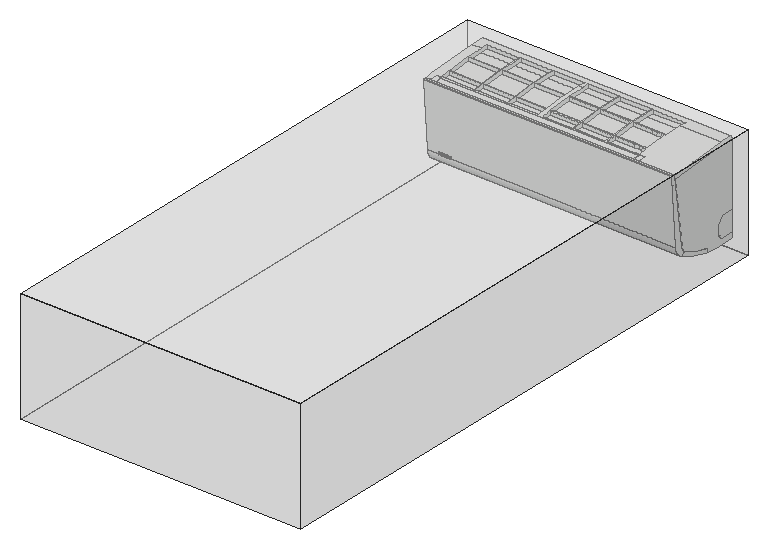
Revit family "outputfile", category 機械設備, Revit 2024 (continued)
Definition of nested family "DAIKIN_indoorunit_FTKF-CV1MW"
  Cuts and joins
    Extrusion 50 cuts Extrusion 49
    Extrusion 52, Extrusion 54 cuts Extrusion 2
    Extrusion 52, Extrusion 54 cuts Extrusion 6
    Extrusion 54 cuts Extrusion 53
    Extrusion 47 cuts Extrusion 46
  Lines and regions (mm)
    reference lines
      curve 1: line (-523, -203.827, -201.479) -> (-523, -197.847, -215.327)
      curve 2: line (-523, -218.956, -203.806) -> (-523, -217.93, -217.251)
      curve 3: line (-523, -253.284, -206.176) -> (-523, -252.024, -219.601)
  Dimensions and locks
    locked: Extrusion 9 sketch curve to Extrusion 9 sketch curve at 60
    locked: Extrusion 9 sketch curve to Extrusion 9 sketch curve at 50
    locked: Extrusion 11 sketch curve to Extrusion 11 sketch curve at 48.5
    equal spacing: plane 5, plane 3 "Center (Left/Right)", plane 4
    "Width": plane 5 to plane 4
    locked: Extrusion 8 sketch curve to plane 4 at 48
    "WALL HOLE-R": plane 5 to Extrusion 8 sketch curve
    "Height": plane 2 "reference_level" to plane 6
    locked: Extrusion 8 sketch curve to plane 6 at 45  (x2)
    Extrusion 13 to nested 2 = 36.0 mm
    locked: Extrusion 19 sketch curve to Extrusion 19 sketch curve at 60
    locked: Extrusion 20 sketch curve to Extrusion 20 sketch curve at 60
    Extrusion 21 sketch curve to Extrusion 21 sketch curve = 52.0 mm  (x2)
    Extrusion 11 sketch curve to Extrusion 11 sketch curve to plane 3 "Center (Left/Right)" = 60.0 mm locked, 286.0 mm locked
    plane 3 "Center (Left/Right)" to Extrusion 11 sketch curve to Extrusion 11 sketch curve = 259.0 mm locked, 60.0 mm locked
    Extrusion 21 sketch curve to Extrusion 21 sketch curve to plane 3 "Center (Left/Right)" to Extrusion 21 sketch curve to Extrusion 21 sketch curve = 60.0 mm, 309.0 mm, 309.0 mm, 60.0 mm
    Extrusion 42 sketch curve to plane 1 "Center (Front/Back)" = 61.8 mm
    Extrusion 42 sketch curve to Extrusion 42 sketch curve to plane 3 "Center (Left/Right)" to Extrusion 42 sketch curve to Extrusion 42 sketch curve = 73.5 mm locked, 395.5 mm locked, 395.5 mm locked, 73.5 mm locked
    aligned and locked: level to plane 2 "reference_level"
    aligned and locked: Extrusion 11 sketch curve to Extrusion 11 sketch curve  (x2)
    aligned and locked: Extrusion 8 to plane 1 "Center (Front/Back)"
    aligned and locked: nested 2 to curve 2
    aligned and locked: nested 3 to curve 3
    aligned and locked: Extrusion 42 sketch curve to Extrusion 42 sketch curve
  Automatic sketch dimensions
    Extrusion 4 sketch curve to plane 1 "Center (Front/Back)" = 0.0 mm
    plane 1 "Center (Front/Back)" to Extrusion 4 sketch curve = 2.596 mm
    plane 1 "Center (Front/Back)" to Extrusion 4 sketch curve = 22.05 mm
    Extrusion 4 sketch curve to level = 8.0 mm
    Extrusion 4 sketch curve to Extrusion 4 sketch curve = 87.469 mm
    Extrusion 4 sketch curve to Extrusion 4 sketch curve = 23.928 mm
    Extrusion 4 sketch curve to Extrusion 4 sketch curve = 26.307 mm
    Extrusion 4 sketch curve to Extrusion 4 sketch curve = 83.5 mm
    Extrusion 4 sketch curve to level = 28.539 mm
    Extrusion 4 sketch curve to Extrusion 4 sketch curve = 91.44 mm
    Extrusion 4 sketch curve to Extrusion 4 sketch curve = 12.229 mm
    Extrusion 4 sketch curve to Extrusion 4 sketch curve = 32.705 mm
    Extrusion 4 sketch curve to level = 43.491 mm
    Extrusion 4 sketch curve to Extrusion 4 sketch curve = 3.707 mm
    Extrusion 4 sketch curve to Extrusion 4 sketch curve = 52.472 mm
    Extrusion 4 sketch curve to Extrusion 4 sketch curve = 0.0 mm
    plane 1 "Center (Front/Back)" to Extrusion 5 sketch curve = 192.48 mm
    Extrusion 5 sketch curve to Extrusion 5 sketch curve = 11.872 mm
    Extrusion 5 sketch curve to Extrusion 5 sketch curve = 65.26 mm
    Extrusion 5 sketch curve to Extrusion 5 sketch curve = 0.31 mm  (x2)
    Extrusion 5 sketch curve to Extrusion 5 sketch curve = 66.449 mm
    plane 1 "Center (Front/Back)" to Extrusion 5 sketch curve = 22.36 mm
    Extrusion 5 sketch curve to level = 276.027 mm
    Extrusion 5 sketch curve to Extrusion 5 sketch curve = 10.915 mm
    Extrusion 5 sketch curve to Extrusion 5 sketch curve = 42.154 mm
    Extrusion 5 sketch curve to Extrusion 5 sketch curve = 1.37 mm
    Extrusion 5 sketch curve to Extrusion 5 sketch curve = 54.088 mm
    Extrusion 5 sketch curve to Extrusion 5 sketch curve = 0.0 mm  (x2)
    Extrusion 5 sketch curve to level = 43.491 mm
    plane 1 "Center (Front/Back)" to Extrusion 6 sketch curve = 192.48 mm
    Extrusion 6 sketch curve to Extrusion 6 sketch curve = 11.872 mm
    Extrusion 6 sketch curve to Extrusion 6 sketch curve = 65.26 mm
    Extrusion 6 sketch curve to Extrusion 6 sketch curve = 0.31 mm  (x2)
    Extrusion 6 sketch curve to Extrusion 6 sketch curve = 66.449 mm
    plane 1 "Center (Front/Back)" to Extrusion 6 sketch curve = 22.36 mm
    Extrusion 6 sketch curve to level = 276.027 mm
    Extrusion 6 sketch curve to Extrusion 6 sketch curve = 10.915 mm
    Extrusion 6 sketch curve to Extrusion 6 sketch curve = 42.154 mm
    Extrusion 6 sketch curve to Extrusion 6 sketch curve = 1.37 mm
    Extrusion 6 sketch curve to Extrusion 6 sketch curve = 54.088 mm
    Extrusion 6 sketch curve to Extrusion 6 sketch curve = 0.0 mm  (x2)
    Extrusion 6 sketch curve to level = 43.491 mm
    plane 1 "Center (Front/Back)" to Extrusion 7 sketch curve = 72.419 mm
    Extrusion 7 sketch curve to plane 3 "Center (Left/Right)" = 324.633 mm
    Extrusion 7 sketch curve to Extrusion 7 sketch curve = 0.0 mm  (x39)
    plane 1 "Center (Front/Back)" to Extrusion 7 sketch curve = 75.939 mm
    Extrusion 7 sketch curve to Extrusion 7 sketch curve = 20.633 mm  (x2)
    plane 1 "Center (Front/Back)" to Extrusion 7 sketch curve = 74.9 mm
    plane 1 "Center (Front/Back)" to Extrusion 7 sketch curve = 142.3 mm
    Extrusion 7 sketch curve to Extrusion 7 sketch curve = 24.633 mm
    Extrusion 7 sketch curve to Extrusion 7 sketch curve = 69.1 mm
    plane 1 "Center (Front/Back)" to Extrusion 7 sketch curve = 24.5 mm  (x4)
    Extrusion 7 sketch curve to Extrusion 7 sketch curve = 1.4 mm  (x23)
    Extrusion 7 sketch curve to Extrusion 7 sketch curve = 86.6 mm
    Extrusion 7 sketch curve to Extrusion 7 sketch curve = 70.6 mm
    Extrusion 7 sketch curve to Extrusion 7 sketch curve = 20.0 mm  (x4)
    plane 3 "Center (Left/Right)" to Extrusion 7 sketch curve = 36.5 mm  (x2)
    Extrusion 7 sketch curve to Extrusion 7 sketch curve = 87.0 mm
    Extrusion 7 sketch curve to Extrusion 7 sketch curve = 69.717 mm
    Extrusion 7 sketch curve to Extrusion 7 sketch curve = 1.026 mm
    Extrusion 7 sketch curve to Extrusion 7 sketch curve = 38.883 mm
    Extrusion 7 sketch curve to Extrusion 7 sketch curve = 39.104 mm
    Extrusion 7 sketch curve to Extrusion 7 sketch curve = 1.291 mm
    Extrusion 7 sketch curve to Extrusion 7 sketch curve = 1.048 mm  (x5)
    Extrusion 7 sketch curve to Extrusion 7 sketch curve = 41.2 mm
    Extrusion 7 sketch curve to Extrusion 7 sketch curve = 3.496 mm  (x2)
    Extrusion 7 sketch curve to Extrusion 7 sketch curve = 3.508 mm
    Extrusion 7 sketch curve to Extrusion 7 sketch curve = 63.904 mm
    Extrusion 7 sketch curve to Extrusion 7 sketch curve = 66.0 mm
    Extrusion 7 sketch curve to Extrusion 7 sketch curve = 3.386 mm
    Extrusion 9 sketch curve to plane 1 "Center (Front/Back)" = 0.0 mm
    Extrusion 9 sketch curve to Extrusion 9 sketch curve = 20.0 mm  (x2)
    Extrusion 9 sketch curve to level = 273.0 mm
    plane 1 "Center (Front/Back)" to Extrusion 11 sketch curve = 0.0 mm
    Extrusion 11 sketch curve to Extrusion 11 sketch curve = 18.5 mm  (x3)
    Extrusion 11 sketch curve to Extrusion 11 sketch curve = 23.0 mm
    Extrusion 12 sketch curve to level = 0.0 mm
    Extrusion 12 sketch curve to plane 1 "Center (Front/Back)" = 0.0 mm
    plane 1 "Center (Front/Back)" to Extrusion 12 sketch curve = 5.0 mm
    Extrusion 12 sketch curve to plane 1 "Center (Front/Back)" = 14.977 mm
    Extrusion 12 sketch curve to level = 9.02 mm
    Extrusion 12 sketch curve to level = 11.0 mm
    level to Extrusion 12 sketch curve = 9.314 mm
    plane 1 "Center (Front/Back)" to Extrusion 14 sketch curve = 23.5 mm  (x3)
    Extrusion 14 sketch curve to plane 3 "Center (Left/Right)" = 355.499 mm
    Extrusion 14 sketch curve to Extrusion 14 sketch curve = 0.0 mm  (x34)
    Extrusion 14 sketch curve to Extrusion 14 sketch curve = 101.5 mm
    Extrusion 14 sketch curve to Extrusion 14 sketch curve = 2.6 mm  (x8)
    Extrusion 14 sketch curve to Extrusion 14 sketch curve = 99.5 mm  (x2)
    Extrusion 14 sketch curve to plane 3 "Center (Left/Right)" = 54.549 mm
    Extrusion 14 sketch curve to Extrusion 14 sketch curve = 12.0 mm  (x7)
    plane 3 "Center (Left/Right)" to Extrusion 14 sketch curve = 52.301 mm  (x2)
    Extrusion 14 sketch curve to Extrusion 14 sketch curve = 73.2 mm  (x2)
    Extrusion 14 sketch curve to Extrusion 14 sketch curve = 2.4 mm  (x6)
    Extrusion 14 sketch curve to Extrusion 14 sketch curve = 71.0 mm  (x3)
    Extrusion 14 sketch curve to Extrusion 14 sketch curve = 1.6 mm  (x6)
    Extrusion 14 sketch curve to Extrusion 14 sketch curve = 30.0 mm  (x3)
    plane 1 "Center (Front/Back)" to Extrusion 15 sketch curve = 194.856 mm
    Extrusion 15 sketch curve to Extrusion 15 sketch curve = 9.074 mm
    Extrusion 15 sketch curve to Extrusion 15 sketch curve = 86.508 mm
    level to Extrusion 15 sketch curve = 11.72 mm
    plane 1 "Center (Front/Back)" to Extrusion 15 sketch curve = 52.895 mm
    Extrusion 15 sketch curve to Extrusion 15 sketch curve = 0.004 mm
    Extrusion 15 sketch curve to Extrusion 15 sketch curve = 0.033 mm
    Extrusion 15 sketch curve to level = 244.604 mm
    Extrusion 15 sketch curve to Extrusion 15 sketch curve = 7.382 mm
    plane 1 "Center (Front/Back)" to Extrusion 16 sketch curve = 194.856 mm
    Extrusion 16 sketch curve to Extrusion 16 sketch curve = 9.074 mm
    Extrusion 16 sketch curve to Extrusion 16 sketch curve = 86.508 mm
    level to Extrusion 16 sketch curve = 11.72 mm
    plane 1 "Center (Front/Back)" to Extrusion 16 sketch curve = 52.895 mm
    Extrusion 16 sketch curve to Extrusion 16 sketch curve = 0.004 mm
    Extrusion 16 sketch curve to level = 244.604 mm
    Extrusion 16 sketch curve to Extrusion 16 sketch curve = 7.382 mm
    Extrusion 16 sketch curve to Extrusion 16 sketch curve = 10.901 mm
    plane 1 "Center (Front/Back)" to Extrusion 17 sketch curve = 194.856 mm
    Extrusion 17 sketch curve to Extrusion 17 sketch curve = 9.074 mm
    Extrusion 17 sketch curve to Extrusion 17 sketch curve = 86.508 mm
    level to Extrusion 17 sketch curve = 11.72 mm
    plane 1 "Center (Front/Back)" to Extrusion 17 sketch curve = 52.895 mm
    Extrusion 17 sketch curve to Extrusion 17 sketch curve = 0.004 mm
    Extrusion 17 sketch curve to level = 244.604 mm
    Extrusion 17 sketch curve to Extrusion 17 sketch curve = 7.382 mm
    Extrusion 17 sketch curve to Extrusion 17 sketch curve = 10.901 mm
    Extrusion 19 sketch curve to plane 1 "Center (Front/Back)" = 0.0 mm
    Extrusion 19 sketch curve to Extrusion 19 sketch curve = 32.8 mm
    plane 1 "Center (Front/Back)" to Extrusion 19 sketch curve = 32.8 mm
    Extrusion 19 sketch curve to Extrusion 19 sketch curve = 19.2 mm
    Extrusion 19 sketch curve to level = 269.6 mm
    Extrusion 20 sketch curve to plane 1 "Center (Front/Back)" = 0.0 mm
    Extrusion 20 sketch curve to Extrusion 20 sketch curve = 32.8 mm  (x2)
    Extrusion 20 sketch curve to Extrusion 20 sketch curve = 19.2 mm
    Extrusion 20 sketch curve to level = 269.6 mm
    plane 1 "Center (Front/Back)" to Extrusion 21 sketch curve = 0.0 mm  (x2)
    Extrusion 21 sketch curve to Extrusion 21 sketch curve = 20.0 mm  (x4)
    Extrusion 22 sketch curve to plane 3 "Center (Left/Right)" = 339.0 mm
    plane 3 "Center (Left/Right)" to Extrusion 22 sketch curve = 231.0 mm
    plane 1 "Center (Front/Back)" to Extrusion 22 sketch curve = 202.769 mm
    Extrusion 22 sketch curve to Extrusion 22 sketch curve = 17.012 mm
    Extrusion 23 sketch curve to plane 3 "Center (Left/Right)" = 339.0 mm
    Extrusion 23 sketch curve to Extrusion 23 sketch curve = 15.0 mm  (x2)
    plane 3 "Center (Left/Right)" to Extrusion 23 sketch curve = 216.0 mm
    plane 1 "Center (Front/Back)" to Extrusion 23 sketch curve = 202.757 mm  (x2)
    Extrusion 23 sketch curve to Extrusion 23 sketch curve = 17.0 mm  (x2)
    Extrusion 24 sketch curve to plane 3 "Center (Left/Right)" = 324.0 mm
    Extrusion 24 sketch curve to Extrusion 24 sketch curve = 43.629 mm
    Extrusion 24 sketch curve to Extrusion 24 sketch curve = 1.5 mm  (x9)
    Extrusion 24 sketch curve to Extrusion 24 sketch curve = 21.542 mm  (x3)
    Extrusion 24 sketch curve to plane 3 "Center (Left/Right)" = 123.621 mm
    Extrusion 24 sketch curve to plane 3 "Center (Left/Right)" = 9.121 mm
    plane 3 "Center (Left/Right)" to Extrusion 24 sketch curve = 13.921 mm
    Extrusion 24 sketch curve to Extrusion 24 sketch curve = 132.208 mm
    Extrusion 24 sketch curve to Extrusion 24 sketch curve = 43.829 mm
    plane 1 "Center (Front/Back)" to Extrusion 24 sketch curve = 202.757 mm
    plane 1 "Center (Front/Back)" to Extrusion 24 sketch curve = 195.757 mm
    Extrusion 24 sketch curve to Extrusion 24 sketch curve = 7.0 mm  (x2)
    Extrusion 24 sketch curve to Extrusion 24 sketch curve = 3.5 mm  (x4)
    Extrusion 24 sketch curve to Extrusion 24 sketch curve = 12.0 mm
    Extrusion 26 sketch curve to plane 3 "Center (Left/Right)" = 373.412 mm
    Extrusion 26 sketch curve to Extrusion 26 sketch curve = 1.011 mm
    Extrusion 26 sketch curve to Extrusion 26 sketch curve = 15.228 mm
    Extrusion 26 sketch curve to Extrusion 26 sketch curve = 0.132 mm
    plane 3 "Center (Left/Right)" to Extrusion 26 sketch curve = 259.015 mm
    Extrusion 26 sketch curve to Extrusion 26 sketch curve = 0.133 mm
    Extrusion 26 sketch curve to Extrusion 26 sketch curve = 15.197 mm
    Extrusion 26 sketch curve to Extrusion 26 sketch curve = 16.358 mm
    plane 1 "Center (Front/Back)" to Extrusion 26 sketch curve = 238.673 mm
    Extrusion 26 sketch curve to Extrusion 26 sketch curve = 34.983 mm
    Extrusion 26 sketch curve to Extrusion 26 sketch curve = 3.79 mm  (x2)
    plane 3 "Center (Left/Right)" to Extrusion 26 sketch curve = 247.689 mm
    plane 1 "Center (Front/Back)" to Extrusion 26 sketch curve = 58.091 mm
    Extrusion 27 sketch curve to plane 3 "Center (Left/Right)" = 373.099 mm
    Extrusion 27 sketch curve to Extrusion 27 sketch curve = 0.698 mm
    Extrusion 27 sketch curve to Extrusion 27 sketch curve = 15.228 mm
    Extrusion 27 sketch curve to Extrusion 27 sketch curve = 0.132 mm
    Extrusion 27 sketch curve to Extrusion 27 sketch curve = 1.99 mm
    plane 3 "Center (Left/Right)" to Extrusion 27 sketch curve = 257.001 mm
    Extrusion 27 sketch curve to Extrusion 27 sketch curve = 2.014 mm
    Extrusion 27 sketch curve to Extrusion 27 sketch curve = 0.133 mm
    Extrusion 27 sketch curve to Extrusion 27 sketch curve = 15.196 mm
    Extrusion 27 sketch curve to Extrusion 27 sketch curve = 18.053 mm
    plane 1 "Center (Front/Back)" to Extrusion 27 sketch curve = 226.673 mm  (x2)
    Extrusion 27 sketch curve to Extrusion 27 sketch curve = 22.983 mm  (x2)
    Extrusion 27 sketch curve to Extrusion 27 sketch curve = 3.79 mm  (x2)
    Extrusion 28 sketch curve to plane 3 "Center (Left/Right)" = 355.05 mm
    plane 3 "Center (Left/Right)" to Extrusion 28 sketch curve = 257.001 mm
    plane 1 "Center (Front/Back)" to Extrusion 28 sketch curve = 226.673 mm
    Extrusion 28 sketch curve to Extrusion 28 sketch curve = 22.983 mm
    Extrusion 29 sketch curve to level = 0.0 mm
    Extrusion 29 sketch curve to level = 30.0 mm
    plane 1 "Center (Front/Back)" to Extrusion 29 sketch curve = 238.673 mm
    Extrusion 29 sketch curve to Extrusion 29 sketch curve = 38.773 mm
    Extrusion 29 sketch curve to Extrusion 29 sketch curve = 0.0 mm  (x2)
    plane 1 "Center (Front/Back)" to Extrusion 29 sketch curve = 45.84 mm
    Extrusion 29 sketch curve to plane 1 "Center (Front/Back)" = 14.977 mm
    Extrusion 29 sketch curve to Extrusion 29 sketch curve = 994.66 mm
    Extrusion 29 sketch curve to Extrusion 29 sketch curve = 0.163 mm
    Extrusion 29 sketch curve to Extrusion 29 sketch curve = 7.224 mm
    Extrusion 29 sketch curve to level = 11.646 mm
    level to Extrusion 29 sketch curve = 9.314 mm
    Extrusion 29 sketch curve to Extrusion 29 sketch curve = 13.398 mm
    Extrusion 30 sketch curve to Extrusion 30 sketch curve = 0.0 mm  (x2)
    plane 1 "Center (Front/Back)" to Extrusion 30 sketch curve = 189.887 mm
    Extrusion 30 sketch curve to Extrusion 30 sketch curve = 11.307 mm
    Extrusion 30 sketch curve to Extrusion 30 sketch curve = 46.464 mm
    Extrusion 30 sketch curve to Extrusion 30 sketch curve = 21.724 mm
    Extrusion 30 sketch curve to level = 277.1 mm
    Extrusion 30 sketch curve to Extrusion 30 sketch curve = 22.499 mm
    Extrusion 31 sketch curve to Extrusion 31 sketch curve = 0.0 mm  (x2)
    plane 1 "Center (Front/Back)" to Extrusion 31 sketch curve = 189.887 mm
    Extrusion 31 sketch curve to Extrusion 31 sketch curve = 11.307 mm
    Extrusion 31 sketch curve to Extrusion 31 sketch curve = 46.464 mm
    Extrusion 31 sketch curve to Extrusion 31 sketch curve = 21.724 mm
    Extrusion 31 sketch curve to level = 277.1 mm
    Extrusion 31 sketch curve to Extrusion 31 sketch curve = 22.499 mm
    Extrusion 32 sketch curve to Extrusion 32 sketch curve = 0.0 mm  (x2)
    plane 1 "Center (Front/Back)" to Extrusion 32 sketch curve = 185.929 mm
    Extrusion 32 sketch curve to Extrusion 32 sketch curve = 6.899 mm
    Extrusion 32 sketch curve to Extrusion 32 sketch curve = 9.219 mm
    Extrusion 32 sketch curve to Extrusion 32 sketch curve = 7.915 mm
    Extrusion 32 sketch curve to level = 264.005 mm
    Extrusion 32 sketch curve to Extrusion 32 sketch curve = 7.405 mm
    Extrusion 33 sketch curve to Extrusion 33 sketch curve = 0.0 mm  (x2)
    plane 1 "Center (Front/Back)" to Extrusion 33 sketch curve = 185.929 mm
    Extrusion 33 sketch curve to Extrusion 33 sketch curve = 6.899 mm
    Extrusion 33 sketch curve to Extrusion 33 sketch curve = 9.219 mm
    Extrusion 33 sketch curve to Extrusion 33 sketch curve = 7.915 mm
    Extrusion 33 sketch curve to level = 264.005 mm
    Extrusion 33 sketch curve to Extrusion 33 sketch curve = 7.405 mm
    plane 1 "Center (Front/Back)" to Extrusion 36 sketch curve = 233.849 mm
    Extrusion 36 sketch curve to Extrusion 36 sketch curve = 11.574 mm
    Extrusion 36 sketch curve to Extrusion 36 sketch curve = 106.825 mm
    Extrusion 36 sketch curve to Extrusion 36 sketch curve = 0.0 mm
    level to Extrusion 36 sketch curve = 3.941 mm
    plane 1 "Center (Front/Back)" to Extrusion 36 sketch curve = 90.201 mm
    Extrusion 36 sketch curve to Extrusion 36 sketch curve = 0.002 mm
    Extrusion 36 sketch curve to Extrusion 36 sketch curve = 0.776 mm
    Extrusion 36 sketch curve to level = 250.06 mm
    Extrusion 36 sketch curve to Extrusion 36 sketch curve = 9.301 mm
    Extrusion 36 sketch curve to Extrusion 36 sketch curve = 31.169 mm
    Extrusion 36 sketch curve to Extrusion 36 sketch curve = 13.702 mm
    Extrusion 36 sketch curve to Extrusion 36 sketch curve = 27.641 mm
    plane 1 "Center (Front/Back)" to Extrusion 37 sketch curve = 233.849 mm
    Extrusion 37 sketch curve to Extrusion 37 sketch curve = 11.574 mm
    Extrusion 37 sketch curve to Extrusion 37 sketch curve = 106.825 mm
    Extrusion 37 sketch curve to Extrusion 37 sketch curve = 0.0 mm
    level to Extrusion 37 sketch curve = 3.941 mm
    plane 1 "Center (Front/Back)" to Extrusion 37 sketch curve = 90.201 mm
    Extrusion 37 sketch curve to Extrusion 37 sketch curve = 0.002 mm
    Extrusion 37 sketch curve to Extrusion 37 sketch curve = 0.776 mm
    Extrusion 37 sketch curve to level = 250.06 mm
    Extrusion 37 sketch curve to Extrusion 37 sketch curve = 9.301 mm
    Extrusion 37 sketch curve to Extrusion 37 sketch curve = 31.169 mm
    Extrusion 37 sketch curve to Extrusion 37 sketch curve = 13.702 mm
    Extrusion 37 sketch curve to Extrusion 37 sketch curve = 27.641 mm
    plane 1 "Center (Front/Back)" to Extrusion 38 sketch curve = 233.849 mm
    Extrusion 38 sketch curve to Extrusion 38 sketch curve = 11.574 mm
    Extrusion 38 sketch curve to Extrusion 38 sketch curve = 106.825 mm
    Extrusion 38 sketch curve to Extrusion 38 sketch curve = 0.0 mm
    level to Extrusion 38 sketch curve = 3.941 mm
    plane 1 "Center (Front/Back)" to Extrusion 38 sketch curve = 90.201 mm
    Extrusion 38 sketch curve to Extrusion 38 sketch curve = 0.002 mm
    Extrusion 38 sketch curve to Extrusion 38 sketch curve = 0.776 mm
    Extrusion 38 sketch curve to level = 250.06 mm
    Extrusion 38 sketch curve to Extrusion 38 sketch curve = 9.301 mm
    Extrusion 38 sketch curve to Extrusion 38 sketch curve = 31.169 mm
    Extrusion 38 sketch curve to Extrusion 38 sketch curve = 13.702 mm
    Extrusion 38 sketch curve to Extrusion 38 sketch curve = 27.641 mm
    Extrusion 40 sketch curve to plane 1 "Center (Front/Back)" = 0.0 mm
    plane 1 "Center (Front/Back)" to Extrusion 40 sketch curve = 41.8 mm
    Extrusion 40 sketch curve to Extrusion 40 sketch curve = 0.0 mm  (x2)
    Extrusion 40 sketch curve to Extrusion 40 sketch curve = 20.0 mm
    Extrusion 40 sketch curve to level = 275.5 mm
    Extrusion 40 sketch curve to Extrusion 40 sketch curve = 33.5 mm
    Extrusion 41 sketch curve to plane 1 "Center (Front/Back)" = 0.0 mm
    plane 1 "Center (Front/Back)" to Extrusion 41 sketch curve = 41.8 mm
    Extrusion 41 sketch curve to Extrusion 41 sketch curve = 0.0 mm
    Extrusion 41 sketch curve to Extrusion 41 sketch curve = 20.0 mm
    Extrusion 41 sketch curve to level = 202.0 mm
    Extrusion 41 sketch curve to Extrusion 41 sketch curve = 33.5 mm
    plane 1 "Center (Front/Back)" to Extrusion 42 sketch curve = 0.0 mm  (x2)
    Extrusion 42 sketch curve to Extrusion 42 sketch curve = 20.0 mm  (x4)
    plane 3 "Center (Left/Right)" to Extrusion 44 sketch curve = 380.0 mm
    Extrusion 46 sketch curve to plane 3 "Center (Left/Right)" = 466.5 mm
    plane 3 "Center (Left/Right)" to Extrusion 46 sketch curve = 366.0 mm
    plane 1 "Center (Front/Back)" to Extrusion 46 sketch curve = 264.436 mm
    Extrusion 46 sketch curve to Extrusion 46 sketch curve = 25.436 mm
    Extrusion 47 sketch curve to level = 33.272 mm
    Extrusion 47 sketch curve to level = 22.853 mm
    level to Extrusion 47 sketch curve = 5.0 mm
    Extrusion 48 sketch curve to Extrusion 48 sketch curve = 20.148 mm
    Extrusion 48 sketch curve to Extrusion 48 sketch curve = 44.745 mm
    Extrusion 48 sketch curve to Extrusion 48 sketch curve = 22.502 mm
    level to Extrusion 48 sketch curve = 6.546 mm
    plane 1 "Center (Front/Back)" to Extrusion 48 sketch curve = 89.423 mm
    Extrusion 48 sketch curve to Extrusion 48 sketch curve = 0.0 mm  (x2)
    Extrusion 48 sketch curve to Extrusion 48 sketch curve = 11.127 mm
    Extrusion 49 sketch curve to Extrusion 49 sketch curve = 0.0 mm  (x2)
    level to Extrusion 49 sketch curve = 6.546 mm
    plane 1 "Center (Front/Back)" to Extrusion 49 sketch curve = 89.423 mm
    Extrusion 49 sketch curve to level = 261.498 mm
    Extrusion 49 sketch curve to Extrusion 49 sketch curve = 11.127 mm
    Extrusion 49 sketch curve to Extrusion 49 sketch curve = 64.893 mm
    Extrusion 49 sketch curve to Extrusion 49 sketch curve = 20.148 mm
    Extrusion 50 sketch curve to Extrusion 50 sketch curve = 8.97 mm
    Extrusion 50 sketch curve to Extrusion 50 sketch curve = 7.404 mm
    level to Extrusion 50 sketch curve = 6.546 mm
    Extrusion 50 sketch curve to Extrusion 50 sketch curve = 6.785 mm
    Extrusion 50 sketch curve to Extrusion 50 sketch curve = 7.726 mm
    Extrusion 50 sketch curve to Extrusion 50 sketch curve = 0.0 mm  (x2)
    plane 1 "Center (Front/Back)" to Extrusion 50 sketch curve = 89.423 mm
    Extrusion 51 sketch curve to Extrusion 51 sketch curve = 0.0 mm  (x2)
    level to Extrusion 51 sketch curve = 6.546 mm
    plane 1 "Center (Front/Back)" to Extrusion 51 sketch curve = 89.423 mm
    Extrusion 51 sketch curve to level = 263.5 mm
    Extrusion 51 sketch curve to Extrusion 51 sketch curve = 6.785 mm
    Extrusion 51 sketch curve to Extrusion 51 sketch curve = 16.697 mm
    Extrusion 51 sketch curve to Extrusion 51 sketch curve = 7.726 mm
    Extrusion 10 sketch curve to plane 1 "Center (Front/Back)" = 0.0 mm
    plane 1 "Center (Front/Back)" to Extrusion 10 sketch curve = 30.0 mm
    Extrusion 10 sketch curve to Extrusion 10 sketch curve = 0.0 mm
    Extrusion 10 sketch curve to Extrusion 10 sketch curve = 20.0 mm  (x2)
    Extrusion 10 sketch curve to level = 273.0 mm
    Extrusion 3 sketch curve to level = 13.692 mm
    plane 1 "Center (Front/Back)" to Extrusion 3 sketch curve = 211.618 mm
    Extrusion 3 sketch curve to Extrusion 3 sketch curve = 0.618 mm
    Extrusion 3 sketch curve to Extrusion 3 sketch curve = 1.902 mm
    Extrusion 3 sketch curve to Extrusion 3 sketch curve = 2.0 mm
    Extrusion 3 sketch curve to level = 10.816 mm
    Extrusion 3 sketch curve to Extrusion 3 sketch curve = 8.849 mm
    Extrusion 3 sketch curve to Extrusion 3 sketch curve = 2.652 mm
    Extrusion 3 sketch curve to Extrusion 3 sketch curve = 151.871 mm
    Extrusion 3 sketch curve to Extrusion 3 sketch curve = 95.0 mm
    Extrusion 3 sketch curve to Extrusion 3 sketch curve = 10.31 mm
    Extrusion 3 sketch curve to Extrusion 3 sketch curve = 6.572 mm
    Extrusion 3 sketch curve to Extrusion 3 sketch curve = 0.097 mm
    Extrusion 3 sketch curve to Extrusion 3 sketch curve = 0.31 mm
    Extrusion 3 sketch curve to Extrusion 3 sketch curve = 11.812 mm
    plane 1 "Center (Front/Back)" to Extrusion 2 sketch curve = 115.348 mm
    plane 1 "Center (Front/Back)" to Extrusion 2 sketch curve = 22.36 mm
    Extrusion 2 sketch curve to level = 167.5 mm
    Extrusion 2 sketch curve to level = 43.491 mm
    Extrusion 2 sketch curve to Extrusion 2 sketch curve = 1.189 mm
    Extrusion 2 sketch curve to Extrusion 2 sketch curve = 58.182 mm
    Extrusion 2 sketch curve to Extrusion 2 sketch curve = 0.0 mm  (x4)
    Extrusion 2 sketch curve to Extrusion 2 sketch curve = 20.14 mm
    Extrusion 2 sketch curve to Extrusion 2 sketch curve = 0.31 mm  (x2)
    Extrusion 2 sketch curve to Extrusion 2 sketch curve = 11.872 mm
    Extrusion 2 sketch curve to Extrusion 2 sketch curve = 6.31 mm
    Extrusion 52 sketch curve to Extrusion 52 sketch curve = 0.0 mm  (x5)
    Extrusion 52 sketch curve to Extrusion 52 sketch curve = 52.75 mm
    plane 1 "Center (Front/Back)" to Extrusion 52 sketch curve = 22.36 mm
    Extrusion 52 sketch curve to Extrusion 52 sketch curve = 35.994 mm
    Extrusion 52 sketch curve to Extrusion 52 sketch curve = 64.506 mm
    Extrusion 52 sketch curve to level = 43.491 mm
    Extrusion 52 sketch curve to Extrusion 52 sketch curve = 6.981 mm
    Extrusion 52 sketch curve to Extrusion 52 sketch curve = 5.769 mm
    Extrusion 52 sketch curve to Extrusion 52 sketch curve = 3.0 mm
    Extrusion 52 sketch curve to Extrusion 52 sketch curve = 11.895 mm
    plane 1 "Center (Front/Back)" to Extrusion 53 sketch curve = 22.36 mm
    Extrusion 53 sketch curve to level = 43.491 mm
    Extrusion 53 sketch curve to Extrusion 53 sketch curve = 5.097 mm
    Extrusion 53 sketch curve to Extrusion 53 sketch curve = 48.896 mm
    Extrusion 53 sketch curve to Extrusion 53 sketch curve = 0.0 mm  (x6)
    Extrusion 53 sketch curve to Extrusion 53 sketch curve = 8.769 mm
    Extrusion 53 sketch curve to Extrusion 53 sketch curve = 11.895 mm
    Extrusion 53 sketch curve to Extrusion 53 sketch curve = 6.981 mm
    Extrusion 53 sketch curve to Extrusion 53 sketch curve = 3.0 mm
    Extrusion 54 sketch curve to Extrusion 54 sketch curve = 0.0 mm  (x6)
    Extrusion 54 sketch curve to Extrusion 54 sketch curve = 9.206 mm
    Extrusion 54 sketch curve to Extrusion 54 sketch curve = 61.422 mm
    plane 1 "Center (Front/Back)" to Extrusion 54 sketch curve = 22.36 mm
    Extrusion 54 sketch curve to Extrusion 54 sketch curve = 11.007 mm
    Extrusion 54 sketch curve to level = 43.491 mm
    Extrusion 54 sketch curve to Extrusion 54 sketch curve = 4.409 mm
    Extrusion 54 sketch curve to Extrusion 54 sketch curve = 1.8 mm
    Extrusion 54 sketch curve to Extrusion 54 sketch curve = 5.228 mm
    Extrusion 55 sketch curve to Extrusion 55 sketch curve = 61.422 mm
    Extrusion 55 sketch curve to level = 235.993 mm
    Extrusion 55 sketch curve to Extrusion 55 sketch curve = 4.409 mm
    Extrusion 55 sketch curve to Extrusion 55 sketch curve = 6.229 mm
    plane 1 "Center (Front/Back)" to Extrusion 55 sketch curve = 22.36 mm
    Extrusion 55 sketch curve to Extrusion 55 sketch curve = 0.0 mm  (x6)
    Extrusion 55 sketch curve to Extrusion 55 sketch curve = 8.205 mm
    Extrusion 55 sketch curve to Extrusion 55 sketch curve = 5.228 mm
    Extrusion 55 sketch curve to Extrusion 55 sketch curve = 1.8 mm
    Extrusion 25 sketch curve to Extrusion 25 sketch curve = 0.0 mm  (x4)
    Extrusion 25 sketch curve to level = 0.0 mm
    Extrusion 25 sketch curve to level = 35.0 mm
    plane 1 "Center (Front/Back)" to Extrusion 25 sketch curve = 205.202 mm
    Extrusion 25 sketch curve to Extrusion 25 sketch curve = 19.445 mm
    plane 1 "Center (Front/Back)" to Extrusion 25 sketch curve = 104.232 mm
    Extrusion 25 sketch curve to Extrusion 25 sketch curve = 209.941 mm
    Extrusion 25 sketch curve to Extrusion 25 sketch curve = 4.474 mm
    Extrusion 25 sketch curve to Extrusion 25 sketch curve = 8.811 mm
    Extrusion 12 sketch curve to Extrusion 12 sketch curve = 1.396 mm
    plane 1 "Center (Front/Back)" to Extrusion 12 sketch curve = 45.84 mm
    Extrusion 12 sketch curve to Extrusion 12 sketch curve = 0.0 mm
    Extrusion 12 sketch curve to Extrusion 12 sketch curve = 0.163 mm
    Extrusion 12 sketch curve to level = 26.758 mm
    Extrusion 18 sketch curve to plane 1 "Center (Front/Back)" = 0.0 mm
    level to Extrusion 18 sketch curve = 4.099 mm
    Extrusion 18 sketch curve to Extrusion 18 sketch curve = 0.857 mm
    Extrusion 18 sketch curve to Extrusion 18 sketch curve = 6.16 mm
    Extrusion 18 sketch curve to Extrusion 18 sketch curve = 46.473 mm
    Extrusion 18 sketch curve to Extrusion 18 sketch curve = 0.052 mm
    Extrusion 18 sketch curve to Extrusion 18 sketch curve = 69.066 mm
    Extrusion 18 sketch curve to Extrusion 18 sketch curve = 29.316 mm
    Extrusion 18 sketch curve to level = 26.762 mm
    Extrusion 18 sketch curve to Extrusion 18 sketch curve = 178.061 mm
    Extrusion 18 sketch curve to Extrusion 18 sketch curve = 4.015 mm
    Extrusion 18 sketch curve to Extrusion 18 sketch curve = 52.325 mm
    Extrusion 18 sketch curve to Extrusion 18 sketch curve = 11.703 mm
    Extrusion 18 sketch curve to Extrusion 18 sketch curve = 3.729 mm
    Extrusion 18 sketch curve to Extrusion 18 sketch curve = 7.779 mm
    Extrusion 18 sketch curve to level = 11.0 mm
    plane 1 "Center (Front/Back)" to Extrusion 18 sketch curve = 45.84 mm
    Extrusion 13 sketch curve to level = 15.416 mm
    plane 1 "Center (Front/Back)" to Extrusion 13 sketch curve = 197.648 mm
    Extrusion 13 sketch curve to Extrusion 13 sketch curve = 21.851 mm
    Extrusion 13 sketch curve to Extrusion 13 sketch curve = 8.255 mm
    plane 1 "Center (Front/Back)" to Extrusion 13 sketch curve = 46.245 mm
    Extrusion 13 sketch curve to Extrusion 13 sketch curve = 6.169 mm
    Extrusion 13 sketch curve to Extrusion 13 sketch curve = 10.292 mm
    Extrusion 13 sketch curve to Extrusion 13 sketch curve = 0.363 mm
    Extrusion 13 sketch curve to Extrusion 13 sketch curve = 1.994 mm
    Extrusion 13 sketch curve to Extrusion 13 sketch curve = 5.69 mm
    Extrusion 13 sketch curve to Extrusion 13 sketch curve = 20.433 mm
    Extrusion 13 sketch curve to Extrusion 13 sketch curve = 0.0 mm  (x3)
    Extrusion 13 sketch curve to Extrusion 13 sketch curve = 1.84 mm
    Extrusion 13 sketch curve to Extrusion 13 sketch curve = 9.251 mm
    Extrusion 13 sketch curve to Extrusion 13 sketch curve = 6.958 mm
    Extrusion 13 sketch curve to Extrusion 13 sketch curve = 0.157 mm
    Extrusion 13 sketch curve to level = 12.416 mm
    Extrusion 13 sketch curve to Extrusion 13 sketch curve = 201.658 mm
    Extrusion 34 sketch curve to plane 1 "Center (Front/Back)" = 0.0 mm
    Extrusion 34 sketch curve to level = 9.411 mm
    level to Extrusion 34 sketch curve = 0.0 mm
    plane 1 "Center (Front/Back)" to Extrusion 34 sketch curve = 5.217 mm
    Extrusion 34 sketch curve to Extrusion 34 sketch curve = 1.455 mm
    Extrusion 34 sketch curve to level = 10.748 mm
    Extrusion 34 sketch curve to Extrusion 34 sketch curve = 76.023 mm
    Extrusion 34 sketch curve to Extrusion 34 sketch curve = 0.06 mm
    Extrusion 34 sketch curve to level = 288.701 mm
    Extrusion 34 sketch curve to level = 18.596 mm
    Extrusion 34 sketch curve to Extrusion 34 sketch curve = 1.224 mm
    Extrusion 34 sketch curve to Extrusion 34 sketch curve = 3.693 mm
    Extrusion 34 sketch curve to level = 29.099 mm
    Extrusion 34 sketch curve to Extrusion 34 sketch curve = 1.436 mm
    Extrusion 35 sketch curve to plane 1 "Center (Front/Back)" = 0.0 mm
    plane 1 "Center (Front/Back)" to Extrusion 35 sketch curve = 61.8 mm
    Extrusion 35 sketch curve to level = 11.0 mm
    plane 1 "Center (Front/Back)" to Extrusion 35 sketch curve = 61.32 mm
    Extrusion 35 sketch curve to Extrusion 35 sketch curve = 52.85 mm
    Extrusion 35 sketch curve to Extrusion 35 sketch curve = 286.0 mm
    Extrusion 35 sketch curve to Extrusion 35 sketch curve = 2.004 mm
    Extrusion 35 sketch curve to Extrusion 35 sketch curve = 14.501 mm
    plane 1 "Center (Front/Back)" to Extrusion 35 sketch curve = 82.524 mm
    Extrusion 35 sketch curve to level = 29.099 mm
    Extrusion 35 sketch curve to level = 222.656 mm
    Extrusion 35 sketch curve to Extrusion 35 sketch curve = 43.948 mm
    Extrusion 35 sketch curve to Extrusion 35 sketch curve = 6.011 mm
    Extrusion 35 sketch curve to Extrusion 35 sketch curve = 14.16 mm
    level to Extrusion 35 sketch curve = 3.956 mm
    Extrusion 35 sketch curve to Extrusion 35 sketch curve = 28.88 mm
    Extrusion 35 sketch curve to Extrusion 35 sketch curve = 602.782 mm
    plane 1 "Center (Front/Back)" to Extrusion 39 sketch curve = 234.424 mm
    level to Extrusion 39 sketch curve = 23.59 mm
    plane 1 "Center (Front/Back)" to Extrusion 39 sketch curve = 83.906 mm
    Extrusion 39 sketch curve to level = 258.8 mm
    Extrusion 39 sketch curve to Extrusion 39 sketch curve = 14.508 mm
    Extrusion 39 sketch curve to Extrusion 39 sketch curve = 11.757 mm
    Extrusion 39 sketch curve to Extrusion 39 sketch curve = 9.554 mm
    Extrusion 39 sketch curve to Extrusion 39 sketch curve = 13.936 mm
    Extrusion 39 sketch curve to Extrusion 39 sketch curve = 26.899 mm
    Extrusion 39 sketch curve to Extrusion 39 sketch curve = 6.12 mm
    Extrusion 39 sketch curve to level = 18.854 mm
    Extrusion 39 sketch curve to level = 21.943 mm
    Extrusion 39 sketch curve to Extrusion 39 sketch curve = 7.064 mm
    plane 1 "Center (Front/Back)" to Extrusion 39 sketch curve = 81.184 mm
    Extrusion 39 sketch curve to Extrusion 39 sketch curve = 3.033 mm
    Extrusion 39 sketch curve to Extrusion 39 sketch curve = 0.318 mm
    Extrusion 39 sketch curve to Extrusion 39 sketch curve = 0.0 mm
    Extrusion 39 sketch curve to Extrusion 39 sketch curve = 1.499 mm
    curve 3 to level = 219.601 mm
    plane 1 "Center (Front/Back)" to curve 1 = 197.847 mm
    curve 3 to curve 2 = 2.35 mm
    curve 2 to curve 1 = 1.924 mm
    curve 3 to curve 3 = 13.425 mm
    curve 2 to curve 2 = 13.445 mm
    curve 1 to curve 1 = 13.848 mm
    curve 1 to curve 1 = 5.98 mm
    curve 1 to curve 2 = 20.083 mm
    curve 2 to curve 2 = 1.025 mm
    curve 2 to curve 3 = 34.094 mm
    curve 3 to curve 3 = 1.26 mm
    plane 1 "Center (Front/Back)" to Extrusion 43 sketch curve = 23.5 mm  (x4)
    Extrusion 43 sketch curve to plane 3 "Center (Left/Right)" = 465.5 mm
    Extrusion 43 sketch curve to Extrusion 43 sketch curve = 0.0 mm  (x44)
    Extrusion 43 sketch curve to Extrusion 43 sketch curve = 104.0 mm
    Extrusion 43 sketch curve to Extrusion 43 sketch curve = 2.5 mm  (x21)
    Extrusion 43 sketch curve to Extrusion 43 sketch curve = 101.0 mm  (x4)
    Extrusion 43 sketch curve to plane 3 "Center (Left/Right)" = 51.0 mm
    plane 3 "Center (Left/Right)" to Extrusion 43 sketch curve = 52.5 mm
    Extrusion 43 sketch curve to Extrusion 43 sketch curve = 57.7 mm
    Extrusion 43 sketch curve to Extrusion 43 sketch curve = 16.8 mm  (x3)
    Extrusion 43 sketch curve to Extrusion 43 sketch curve = 17.25 mm  (x3)
    Extrusion 43 sketch curve to Extrusion 43 sketch curve = 12.25 mm  (x2)
    Extrusion 43 sketch curve to Extrusion 43 sketch curve = 89.0 mm  (x3)
    Extrusion 43 sketch curve to Extrusion 43 sketch curve = 3.0 mm  (x11)
    Extrusion 43 sketch curve to Extrusion 43 sketch curve = 77.2 mm  (x4)
    Extrusion 43 sketch curve to Extrusion 43 sketch curve = 41.1 mm  (x4)
    Extrusion 45 sketch curve to plane 3 "Center (Left/Right)" = 482.5 mm
    Extrusion 45 sketch curve to Extrusion 45 sketch curve = 2.0 mm
    plane 1 "Center (Front/Back)" to Extrusion 45 sketch curve = 254.0 mm
    Extrusion 45 sketch curve to Extrusion 45 sketch curve = 15.0 mm  (x2)
    Extrusion 45 sketch curve to Extrusion 45 sketch curve = 14.0 mm
    Extrusion 45 sketch curve to Extrusion 45 sketch curve = 11.0 mm  (x2)
    plane 3 "Center (Left/Right)" to Extrusion 45 sketch curve = 367.0 mm
    Extrusion 45 sketch curve to Extrusion 45 sketch curve = 17.5 mm
    Extrusion 45 sketch curve to Extrusion 45 sketch curve = 4.5 mm
    plane 1 "Center (Front/Back)" to Extrusion 45 sketch curve = 265.0 mm
    Extrusion 44 sketch curve to Extrusion 44 sketch curve = 4.5 mm
    Extrusion 44 sketch curve to Extrusion 44 sketch curve = 10.436 mm  (x2)
    Extrusion 44 sketch curve to plane 3 "Center (Left/Right)" = 480.5 mm
    plane 1 "Center (Front/Back)" to Extrusion 44 sketch curve = 264.436 mm
    Extrusion 44 sketch curve to Extrusion 44 sketch curve = 2.0 mm
    Extrusion 44 sketch curve to Extrusion 44 sketch curve = 15.0 mm
    Extrusion 47 sketch curve to Extrusion 47 sketch curve = 39.736 mm
    Extrusion 47 sketch curve to Extrusion 47 sketch curve = 0.0 mm
    Extrusion 47 sketch curve to Extrusion 47 sketch curve = 10.742 mm
    plane 1 "Center (Front/Back)" to Extrusion 47 sketch curve = 81.299 mm
    Extrusion 47 sketch curve to Extrusion 47 sketch curve = 4.812 mm
    Extrusion 47 sketch curve to level = 29.099 mm
    Extrusion 47 sketch curve to Extrusion 47 sketch curve = 6.248 mm
    Extrusion 47 sketch curve to Extrusion 47 sketch curve = 1.224 mm
    Extrusion 47 sketch curve to Extrusion 47 sketch curve = 3.693 mm
    Extrusion 47 sketch curve to Extrusion 47 sketch curve = 10.502 mm
    plane 1 "Center (Front/Back)" to Extrusion 7 sketch curve = 72.431 mm
    Extrusion 7 sketch curve to Extrusion 7 sketch curve = 20.4 mm
    Extrusion 7 sketch curve to Extrusion 7 sketch curve = 17.5 mm  (x2)
    Extrusion 7 sketch curve to Extrusion 7 sketch curve = 0.877 mm
    Extrusion 7 sketch curve to Extrusion 7 sketch curve = 2.9 mm
    Extrusion 7 sketch curve to Extrusion 7 sketch curve = 17.663 mm
    Extrusion 7 sketch curve to Extrusion 7 sketch curve = 0.917 mm
    Extrusion 7 sketch curve to Extrusion 7 sketch curve = 69.3 mm
    Extrusion 7 sketch curve to Extrusion 7 sketch curve = 3.234 mm
    Extrusion 7 sketch curve to Extrusion 7 sketch curve = 64.166 mm
    Extrusion 14 sketch curve to Extrusion 14 sketch curve = 62.5 mm  (x2)
    Extrusion 14 sketch curve to Extrusion 14 sketch curve = 27.0 mm
    Extrusion 14 sketch curve to Extrusion 14 sketch curve = 15.0 mm
    Extrusion 14 sketch curve to Extrusion 14 sketch curve = 102.6 mm
    Extrusion 14 sketch curve to Extrusion 14 sketch curve = 18.0 mm  (x3)
    Extrusion 1 sketch curve to level = 0.0 mm
    Extrusion 1 sketch curve to level = 20.555 mm
    Extrusion 1 sketch curve to level = 29.25 mm
    Extrusion 1 sketch curve to Extrusion 1 sketch curve = 0.152 mm
    plane 1 "Center (Front/Back)" to Extrusion 1 sketch curve = 109.608 mm
    Extrusion 1 sketch curve to Extrusion 1 sketch curve = 0.089 mm
    plane 1 "Center (Front/Back)" to Extrusion 1 sketch curve = 8.198 mm
    plane 1 "Center (Front/Back)" to Extrusion 1 sketch curve = 2.596 mm
    Extrusion 1 sketch curve to Extrusion 1 sketch curve = 1.198 mm
    Extrusion 1 sketch curve to level = 8.0 mm
    Extrusion 4 sketch curve to Extrusion 4 sketch curve = 2.422 mm
    Extrusion 4 sketch curve to Extrusion 4 sketch curve = 21.82 mm
    radius of Extrusion 8 sketch curve = 40.0 mm  (x2)
  Nested families
    nested 1: "daikin_logo_plane_w40" at (-279, -204.799, -198.831) x (1, 0, 0) z (0, -0.9181, -0.3964), visible <- "switch_unit1_25", type "daikin_logo_plane_w40"
      with show_logo yes
    nested 2: "daikin_logo_plane_w40" at (-299, -218.583, -208.69) x (1, 0, 0) z (0, -0.9971, -0.076), visible <- "switch_unit1_35-50", type "daikin_logo_plane_w40"
      with show_logo yes
    nested 3: "daikin_logo_plane_w40" at (-409, -252.827, -211.052) x (1, 0, 0) z (0, -0.9956, -0.0934), visible <- "switch_unit1_60", type "daikin_logo_plane_w40"
      with show_logo yes
  Definition of nested family "daikin_logo_plane_w40"
    Parameters (values of type "daikin_logo_plane_w40")
      width = 40.0 mm
      show_logo [instance] = yes
      material = none
      height = 0.0 mm
      depth = 0.0 mm
      Default Elevation = 1219.2 mm
    Reference planes
      plane 1 "Center (Front/Back)": y = 0
      plane 2: z = 0
      plane 3 "Center (Left/Right)": x = 0
      plane 4: z = 2
      plane 5 "left": x = -19
      plane 6: x = 19
    Forms (mm)
      Extrusion 1, solid, visible <- "show_logo"
        sketch origin (-19, 0, 0) x (1, 0, 0) y (0, 1, 0)
          loop
            line (8.902, -1.878) -> (7.789, -6.332) -> (11.13, -6.332)
            arc (11.13, -6.332) -> (12.454, -6.064) -> (13.472, -5.176) r 2.642
            arc (13.472, -5.176) -> (13.92, -4.02) -> (13.767, -2.79) r 2.537
            arc (13.767, -2.79) -> (13.452, -2.342) -> (12.982, -2.06) r 1.321
            arc (12.982, -2.06) -> (12.063, -1.902) -> (11.13, -1.878) r 6.479
            line (11.13, -1.878) -> (8.902, -1.878)
          loop
            line (10.016, -5.441) -> (10.907, -5.441)
            arc (10.907, -5.441) -> (11.591, -4.983) -> (11.988, -4.261) r 1.742
            spline (11.988, -4.261) -> (12.01, -4.155) -> (12.027, -4.03) -> (12.037, -3.893) -> (12.037, -3.747) -> (12.026, -3.598) -> (12.002, -3.451) -> (11.962, -3.31) -> (11.905, -3.181) -> (11.829, -3.069) -> (11.731, -2.978) -> (11.61, -2.913) -> (11.464, -2.88)
            line (11.464, -2.88) -> (10.573, -2.88) -> (10.016, -5.441)
          loop
            line (13.58, -6.332) -> (14.805, -6.332) -> (15.223, -5.553) -> (16.977, -5.553) -> (17.144, -6.332) -> (19.149, -6.332) -> (18.258, -1.878) -> (16.03, -1.878) -> (13.58, -6.332)
          loop
            line (16.476, -3.214) -> (15.76, -4.551) -> (16.762, -4.551) -> (16.476, -3.214)
          loop
            line (19.705, -6.332) -> (21.599, -6.332) -> (22.712, -1.878) -> (20.819, -1.878) -> (19.705, -6.332)
          loop
            line (22.712, -6.332) -> (24.606, -6.332) -> (24.908, -5.122) -> (25.831, -6.332) -> (28.17, -6.332) -> (26.388, -3.994) -> (28.949, -1.878) -> (26.945, -1.878) -> (25.401, -3.153) -> (25.719, -1.878) -> (23.826, -1.878) -> (22.712, -6.332)
          loop
            line (29.84, -1.878) -> (28.615, -6.332) -> (30.62, -6.332) -> (31.734, -1.878) -> (29.84, -1.878)
          loop
            line (31.734, -6.332) -> (33.07, -6.332) -> (33.7, -3.814) -> (34.518, -6.332) -> (36.745, -6.332) -> (37.859, -1.878) -> (36.523, -1.878) -> (35.845, -4.589) -> (34.963, -1.878) -> (32.847, -1.878) -> (31.734, -6.332)
        from 0 to 2
      Extrusion 2, solid, visible <- "show_logo"
        sketch origin (-19, 0, 0) x (1, 0, 0) y (0, 1, 0)
          loop
            line (8.7, 0) -> (4.235, 0) -> (0, -3.879) -> (0, -8) -> (8.7, 0)
        from 0 to 2
      Extrusion 3, solid, visible <- "show_logo"
        sketch origin (-19, 0, 0) x (1, 0, 0) y (0, 1, 0)
          loop
            line (0, 0) -> (0, -3.879) -> (4.235, 0) -> (0, 0)
        from 0 to 2
    Dimensions and locks
      plane 4 to plane 2 = 2.0 mm
      equal spacing: plane 5 "left", plane 3 "Center (Left/Right)", plane 6
      locked: plane 5 "left" to plane 6 at 38
      aligned and locked: level to plane 2
      aligned and locked: Extrusion 3 to plane 1 "Center (Front/Back)"  (x2)
      aligned and locked: Extrusion 2 to plane 1 "Center (Front/Back)"  (x2)
      aligned and locked: plane 4 to Extrusion 1
      aligned and locked: plane 4 to Extrusion 3
      aligned and locked: plane 4 to Extrusion 2
      aligned and locked: Extrusion 3 to plane 5 "left"
      aligned and locked: Extrusion 2 to plane 5 "left"
    Automatic sketch dimensions
      Extrusion 1 sketch curve to Extrusion 1 sketch curve = 0.901 mm
      Extrusion 1 sketch curve to Extrusion 1 sketch curve = 1.559 mm
      Extrusion 1 sketch curve to Extrusion 1 sketch curve = 1.327 mm
      Extrusion 1 sketch curve to Extrusion 1 sketch curve = 2.145 mm
      Extrusion 1 sketch curve to Extrusion 1 sketch curve = 1.448 mm
      Extrusion 1 sketch curve to Extrusion 1 sketch curve = 2.116 mm
      Extrusion 1 sketch curve to Extrusion 1 sketch curve = 1.114 mm  (x4)
      Extrusion 1 sketch curve to Extrusion 1 sketch curve = 1.336 mm  (x2)
      plane 1 "Center (Front/Back)" to Extrusion 1 sketch curve = 1.878 mm  (x5)
      Extrusion 1 sketch curve to Extrusion 1 sketch curve = 1.893 mm  (x5)
      Extrusion 1 sketch curve to Extrusion 1 sketch curve = 0.891 mm  (x4)
      Extrusion 1 sketch curve to Extrusion 1 sketch curve = 2.005 mm  (x3)
      Extrusion 1 sketch curve to Extrusion 1 sketch curve = 0.445 mm  (x2)
      plane 1 "Center (Front/Back)" to Extrusion 1 sketch curve = 3.994 mm
      Extrusion 1 sketch curve to Extrusion 1 sketch curve = 0.557 mm  (x2)
      Extrusion 1 sketch curve to Extrusion 1 sketch curve = 2.339 mm  (x2)
      Extrusion 1 sketch curve to Extrusion 1 sketch curve = 1.225 mm  (x3)
      plane 1 "Center (Front/Back)" to Extrusion 1 sketch curve = 3.153 mm
      Extrusion 1 sketch curve to Extrusion 1 sketch curve = 0.987 mm
      plane 1 "Center (Front/Back)" to Extrusion 1 sketch curve = 5.122 mm
      Extrusion 1 sketch curve to Extrusion 1 sketch curve = 0.922 mm
      plane 1 "Center (Front/Back)" to Extrusion 1 sketch curve = 6.332 mm
      Extrusion 1 sketch curve to Extrusion 1 sketch curve = 2.562 mm
      plane 1 "Center (Front/Back)" to Extrusion 1 sketch curve = 5.553 mm
      Extrusion 1 sketch curve to Extrusion 1 sketch curve = 0.167 mm
      Extrusion 1 sketch curve to Extrusion 1 sketch curve = 0.215 mm
      plane 1 "Center (Front/Back)" to Extrusion 1 sketch curve = 3.214 mm
      Extrusion 1 sketch curve to Extrusion 1 sketch curve = 0.286 mm
      plane 1 "Center (Front/Back)" to Extrusion 1 sketch curve = 4.551 mm
      Extrusion 1 sketch curve to Extrusion 1 sketch curve = 1.002 mm
      Extrusion 1 sketch curve to Extrusion 1 sketch curve = 0.537 mm
      Extrusion 1 sketch curve to Extrusion 1 sketch curve = 0.418 mm
      Extrusion 1 sketch curve to Extrusion 1 sketch curve = 1.028 mm
      plane 1 "Center (Front/Back)" to Extrusion 1 sketch curve = 4.261 mm
      Extrusion 1 sketch curve to Extrusion 1 sketch curve = 0.563 mm
      plane 1 "Center (Front/Back)" to Extrusion 1 sketch curve = 2.88 mm
      Extrusion 1 sketch curve to Extrusion 1 sketch curve = 1.088 mm
      Extrusion 1 sketch curve to Extrusion 1 sketch curve = 2.152 mm
      Extrusion 1 sketch curve to Extrusion 1 sketch curve = 0.586 mm
      Extrusion 1 sketch curve to Extrusion 1 sketch curve = 0.118 mm
      Extrusion 1 sketch curve to Extrusion 1 sketch curve = 0.298 mm
      Extrusion 1 sketch curve to Extrusion 1 sketch curve = 0.334 mm
      Extrusion 1 sketch curve to Extrusion 1 sketch curve = 0.223 mm
      Extrusion 1 sketch curve to Extrusion 1 sketch curve = 0.266 mm
      Extrusion 1 sketch curve to Extrusion 1 sketch curve = 1.671 mm
      Extrusion 1 sketch curve to Extrusion 1 sketch curve = 2.227 mm
      Extrusion 1 sketch curve to Extrusion 1 sketch curve = 0.0 mm  (x7)
      Extrusion 1 sketch curve to Extrusion 1 sketch curve = 3.453 mm
      Extrusion 1 sketch curve to Extrusion 1 sketch curve = 2.017 mm
      Extrusion 1 sketch curve to Extrusion 1 sketch curve = 0.78 mm  (x2)
      Extrusion 1 sketch curve to Extrusion 1 sketch curve = 1.743 mm
      Extrusion 1 sketch curve to Extrusion 1 sketch curve = 0.775 mm
      Extrusion 1 sketch curve to Extrusion 1 sketch curve = 0.552 mm
      Extrusion 1 sketch curve to Extrusion 1 sketch curve = 0.014 mm
      Extrusion 1 sketch curve to Extrusion 1 sketch curve = 0.952 mm
      Extrusion 1 sketch curve to Extrusion 1 sketch curve = 1.215 mm
      Extrusion 1 sketch curve to Extrusion 1 sketch curve = 0.108 mm
      plane 1 "Center (Front/Back)" to Extrusion 2 sketch curve = 0.0 mm
      Extrusion 2 sketch curve to plane 3 "Center (Left/Right)" = 19.0 mm
      Extrusion 2 sketch curve to plane 3 "Center (Left/Right)" = 14.765 mm
      Extrusion 2 sketch curve to Extrusion 2 sketch curve = 4.465 mm
      plane 1 "Center (Front/Back)" to Extrusion 2 sketch curve = 3.879 mm
      Extrusion 2 sketch curve to Extrusion 2 sketch curve = 4.12 mm
      plane 1 "Center (Front/Back)" to Extrusion 3 sketch curve = 0.0 mm
      Extrusion 3 sketch curve to plane 3 "Center (Left/Right)" = 19.0 mm
      Extrusion 3 sketch curve to plane 3 "Center (Left/Right)" = 14.765 mm
      plane 1 "Center (Front/Back)" to Extrusion 3 sketch curve = 3.879 mm
      Extrusion 1 sketch curve to plane 3 "Center (Left/Right)" = 11.211 mm
      Extrusion 1 sketch curve to Extrusion 1 sketch curve = 1.782 mm
Definition of nested family "daikin_connector_rotate3"
  Parameters (values of type "daikin_connector_rotate3")
    show [instance] = yes
    radius [instance] = 10.0 mm
    length [instance] = 600.0 mm
    angle_horizontal [instance] = 60.00°
    angle_vertical [instance] = 90.00°
    Default Elevation = 1219.2 mm
  Reference planes
    plane 1 "Center (Front/Back)": y = 0
    plane 2: z = 0
    plane 3 "Center (Left/Right)": x = 0
  Dimensions and locks
    "angle_horizontal": angle plane 3 "Center (Left/Right)" to nested 1
    aligned and locked: level to plane 2
    aligned and locked: plane 1 "Center (Front/Back)" to nested 1  (x2)
    aligned and locked: plane 3 "Center (Left/Right)" to nested 1
  Nested families
    nested 1: "daikin_connector_rotate2" at (0, 0, 0) x (0.5, 0.866, 0) z (0, 0, 1), angle_vertical <- "angle_vertical", length <- "length", radius <- "radius", type "daikin_connector_rotate2"
      with radius 10.0 mm, length 600.0 mm, angle_vertical 90.00°
  Definition of nested family "daikin_connector_rotate2"
    Parameters (values of type "daikin_connector_rotate2")
      show_face = yes
      radius [instance] = 10.0 mm
      length [instance] = 600.0 mm
      d_surface = 10.0 mm
      angle_vertical [instance] = 90.00°
      Default Elevation = 0.0 mm
    Reference planes
      plane 1 "Center (Front/Back)": y = 0
      plane 2: z = 0
      plane 3 "Center (Left/Right)": x = 0
    Forms (mm)
      Extrusion 1, solid, visible <- "show_face"
        sketch origin (0, -600, 0) x (1, 0, 0) y (0, 0, 1)
          loop
            circle (0, 0) r 10
        from 0 to -10
    Lines and regions (mm)
      reference lines
        curve 1: line (0, 0, 0) -> (0, -600, 0)
      symbolic lines
        curve 2: circle (0, 0, 0) r 5 normal (0, 0, 1)
      model lines, visible <- "show_face"
        curve 3: line (0, 0, 0) -> (0, -600, 0)
    Dimensions and locks
      "length": curve 1 to curve 1
      "length": curve 3 to curve 3
      "d_surface": Extrusion 1 to Extrusion 1
      "radius": radius of Extrusion 1 sketch curve
      "angle_vertical": angle curve 1 to plane 1 "Center (Front/Back)"
      "angle_vertical": angle curve 3 to plane 1 "Center (Front/Back)"
      aligned and locked: level to plane 2
      aligned and locked: plane 1 "Center (Front/Back)" to curve 1
      aligned and locked: plane 2 to curve 1
      aligned and locked: plane 1 "Center (Front/Back)" to curve 2
      aligned and locked: plane 3 "Center (Left/Right)" to curve 2
      aligned and locked: plane 1 "Center (Front/Back)" to curve 3
      aligned and locked: plane 2 to curve 3
      aligned and locked: Extrusion 1 to Extrusion 1
    Automatic sketch dimensions
      Extrusion 1 sketch curve to level = 0.0 mm
      Extrusion 1 sketch curve to plane 3 "Center (Left/Right)" = 0.0 mm
      radius of curve 2 = 5.0 mm
